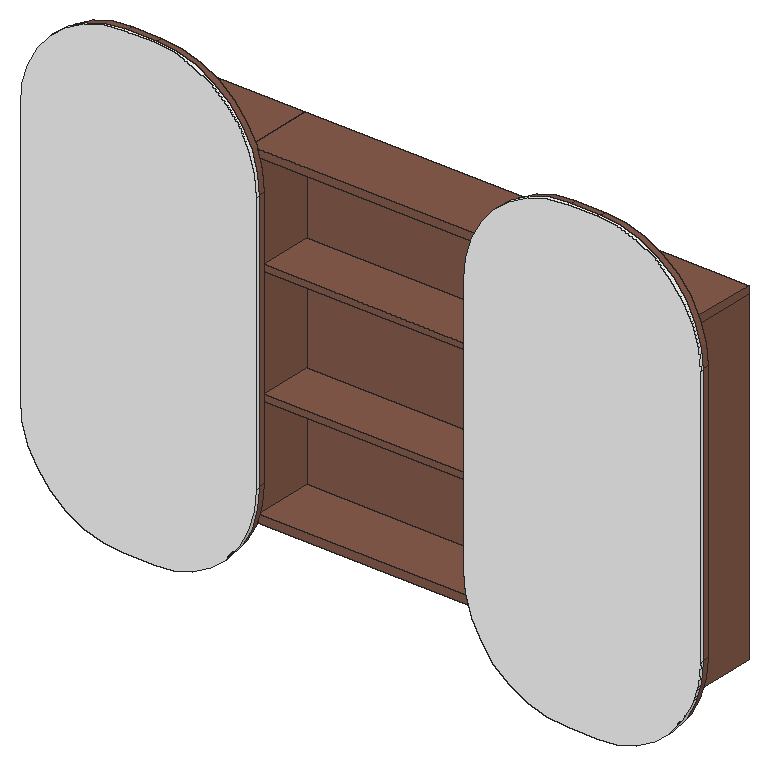
Revit family "Reece_Mirror_Kado_Lussi_Double Mirror Cabinet", category Casework, Revit 2018
Family settings
  Work Plane-Based = Yes
  Always vertical = Yes
  Cut with Voids When Loaded = Yes
  Shared = Yes
  Room Calculation Point = Yes
Parameters (values of type "1380 mm x 950 mm x 162 mm_Timber")
  URL = "https://www.reece.com.au/product/-2354008"
  Type Comments = "Mirror"
  Reece_Product_Web Page = "https://www.reece.com.au/product/-2354008"
  Reece_Product_Type = "Mirror"  # constant formula
  Reece_Product_Sub Brand = "Lussi"  # constant formula
  Reece_Product_Number = "2354008"
  Reece_Product_Mount = "Wall Mounted"
  Reece_Product_Finishes_Web Page = "https://digitalassets.reecegroup.com.au/m/66b8de795f9c984e/original/Material-Colour-and-Finish-Kado-Lussi-Vanity.pdf"
  Reece_Product_Description = "Kado Lussi 1080mm Mirror Cabinet Satin White Painted Finish"
  Reece_Product_Brand = "Kado"  # constant formula
  Reece_Overall_Width = 1380 mm  # constant formula
  Reece_Overall_Height = 950 mm  # constant formula
  Reece_Overall_Depth = 162 mm  # constant formula
  Reece_Material_Secondary = Reece_Plastic_White
  Reece_Material_Main = Reece_Glass_Mirror
  Reece_Material_Cabinet = Reece_Oak_Cherry
  Reece_Height_From_Level [instance] = 1000 mm
  Reece_Detail_Shape = ""
  Reece_Detail_Installation = ""
  Reece_Detail_Disclaimer = "THIS FILE IS THE PROPERTY OF THE REECE GROUP. IT MAY NOT BE REPRODUCED, REVERSE-ENGINEERED OR MODIFIED. ANY REPUBLICATION, TRANSMISSION OR DISTRIBUTION FOR THE PURPOSE OF COMMERCIALLY EXPLOITING THE FILES IS PROHIBITED."  # constant formula
  Reece_Detail_Connector = ""
  Reece_Detail_Additional = ""
  Reece_Additional_Cabinet = Reece_Lussi Cabinet_Nested : Reece_Lussi Cabinet_Width 485mm
  Model = "Lussi"
  Manufacturer = "Kado"
  Keynote = "Product #2354008, Reece_Mirror_Kado_Lussi_Double Mirror Cabinet - 1380 mm x 950 mm x 162 mm_Timber"
  Disclaimer = "THIS FILE IS THE PROPERTY OF THE REECE GROUP. IT MAY NOT BE REPRODUCED, REVERSE-ENGINEERED OR MODIFIED. ANY REPUBLICATION, TRANSMISSION OR DISTRIBUTION FOR THE PURPOSE OF COMMERCIALLY EXPLOITING THE FILES IS PROHIBITED."  # constant formula
  Description = "Kado Lussi 1080mm Mirror Cabinet Satin White Painted Finish"
  Default Elevation = 0 mm
Types (3, lengths in mm): name | URL | Reece_Product_Web Page | Reece_Product_Number | Reece_Material_Cabinet | Keynote
  (no name) | "https://www.reece.com.au/product/-2354009" | "https://www.reece.com.au/product/-2354009" | "2354009" | Reece_Solid_Surface_Matte_White | "Product #2354009, Reece_Mirror_Kado_Lussi_Double Mirror Cabinet -  "
  1380 mm x 950 mm x 162 mm_Satin White | "https://www.reece.com.au/product/-2354009" | "https://www.reece.com.au/product/-2354009" | "2354009" | Reece_Solid_Surface_Matte_White | "Product #2354009, Reece_Mirror_Kado_Lussi_Double Mirror Cabinet - 1380 mm x 950 mm x 162 mm_Satin White"
  1380 mm x 950 mm x 162 mm_Timber | "https://www.reece.com.au/product/-2354008" | "https://www.reece.com.au/product/-2354008" | "2354008" | Reece_Oak_Cherry | "Product #2354008, Reece_Mirror_Kado_Lussi_Double Mirror Cabinet - 1380 mm x 950 mm x 162 mm_Timber"
Reference planes
  plane 1 "Center (Front/Back)": y = 0
  plane 2 "Bottom Host Plane": z = 0
  plane 3 "Center (Left/Right)": x = 0
  plane 4: x = -690
  plane 5 "Front Face": y = -162
  plane 6: x = 690
  plane 7 "Top Host Plane": z = 1950
  plane 8: z = 1475
  plane 9 "Back Mirror": y = -140
  plane 10: z = 1000
  plane 11: z = 1815
  plane 12: z = 1135
  plane 13: z = -5
  plane 14: x = -657.5
  plane 15: x = -657.5
  plane 16: x = -242.5
  plane 17: x = -450
  plane 18: x = 242.5
Lines and regions (mm)
  model lines, style "InvisibleLines"
    curve 1: line (0, 0, -5) -> (0, 0, 1000)
Text (mm)
  text "Reece ©" at (2750.254, -2396.412, 2870.147), in view "Reece Preview"
  text "Reece Copyright © 2018, Reece Ltd." at (-526.759, -443.435, 0), in view "Ref. Level"
Dimensions and locks
  equal spacing: plane 4, plane 3 "Center (Left/Right)", plane 6
  plane 5 "Front Face" to plane 1 "Center (Front/Back)" = 162 mm
  "Reece_Overall_Depth": plane 1 "Center (Front/Back)" to plane 5 "Front Face"
  equal spacing: plane 6, plane 3 "Center (Left/Right)", plane 4
  "Reece_Overall_Width": plane 6 to plane 4
  plane 9 "Back Mirror" to plane 5 "Front Face" = 22 mm
  equal spacing: plane 7 "Top Host Plane", plane 8, plane 10
  "Reece_Overall_Height": plane 7 "Top Host Plane" to plane 10
  "Reece_Height_From_Level": plane 10 to plane 2 "Bottom Host Plane"
  locked: plane 7 "Top Host Plane" to plane 11 at 135
  locked: plane 12 to plane 10 at 135
  plane 2 "Bottom Host Plane" to plane 13 = 5 mm
  locked: plane 14 to plane 4 at 32.5
  equal spacing: plane 15, plane 17, plane 16
  equal spacing: plane 18, plane 3 "Center (Left/Right)", plane 16
  aligned and locked: plane 8 to nested 1
  aligned and locked: plane 8 to nested 2
  aligned and locked: plane 11 to nested 2
  aligned and locked: plane 15 to nested 2
  aligned and locked: nested 1 to plane 17
  aligned and locked: plane 8 to nested 3
  aligned and locked: plane 10 to curve 1
  aligned and locked: plane 13 to curve 1
  aligned and locked: plane 3 "Center (Left/Right)" to curve 1
  aligned and locked: plane 3 "Center (Left/Right)" to nested 3
  aligned and locked: nested 4 to plane 18
  aligned and locked: plane 6 to nested 5
  aligned and locked: plane 10 to nested 5
  aligned and locked: nested 4 to plane 12
Nested families
  nested 1: "Reece_Lussi Mirror_Nested" at (-450, -140, 1000), type "1 Taphole_Vitreous China_White"
  nested 2: "Reece_Lussi Cabinet_Nested" at (-433.5, 0, 1135), type "Reece_Lussi Cabinet_Width 415mm"
    with Reece_GPO_Right yes, Reece_GPO_Left no
  nested 3: "Reece_Lussi Cabinet_Nested" at (16.5, 0, 1135), type <- "Reece_Additional_Cabinet", type "Reece_Lussi Cabinet_Width 485mm"
    with Reece_GPO_Right no, Reece_GPO_Left no
  nested 4: "Reece_Lussi Cabinet_Nested" at (433.5, 0, 1135) x (-1, 0, 0) z (0, 0, 1), type "Reece_Lussi Cabinet_Width 415mm"
    with Reece_GPO_Right yes, Reece_GPO_Left no
  nested 5: "Reece_Lussi Mirror_Nested" at (450, -140, 1000) x (-1, 0, 0) z (0, 0, 1), type "1 Taphole_Vitreous China_White"
Definition of nested family "Reece_Lussi Mirror_Nested"
  Parameters (values of type "1 Taphole_Vitreous China_White")
    Reece_Product_Web Page = ""
    Reece_Product_Type = ""
    Reece_Product_Sub Brand = ""
    Reece_Product_Number = ""
    Reece_Product_Mount = ""
    Reece_Product_Description = ""
    Reece_Product_Brand = ""
    Reece_Overall_Width = 480 mm
    Reece_Overall_Length = 200 mm
    Reece_Overall_Height = 200 mm
    Reece_Overall_Capacity = 0.00 L
    Reece_Material_Secondary = none
    Reece_Material_Main = none
    Reece_Detail_Shape = ""
    Reece_Detail_Installation = ""
    Reece_Detail_Connector = ""
    Reece_Detail_Additional = ""
    Reece_Basin_Supply Diameter 1 = 0 mm
    Reece_Basin_Outlet = 0 mm
    Default Elevation = 0 mm
  Reference planes
    plane 1 "Center (Front/Back)": y = 0
    plane 2 "Bottom Host Plane": z = 0
    plane 3 "Center (Left/Right)": x = 0
    plane 4: x = -240
    plane 5: y = -22
    plane 6: x = 240
    plane 7 "Top Host Plane": z = 950
    plane 8: z = 475
    plane 9: x = -30
    plane 10: x = 30
    plane 11: z = 675
    plane 12: z = 275
    plane 13: y = -16
  Forms (mm)
    Extrusion 1, solid, material <- "Reece_Material_Main"
      sketch origin (0, 0, 0) x (1, 0, 0) y (0, 0, 1)
        loop
          arc (-30, 950) -> (-178.492, 888.492) -> (-240, 740) r 210
          line (-240, 740) -> (-240, 210)
          arc (-240, 210) -> (-178.492, 61.508) -> (-30, 0) r 210
          line (-30, 0) -> (30, 0)
          arc (30, 0) -> (178.492, 61.508) -> (240, 210) r 210
          line (240, 210) -> (240, 740)
          arc (240, 740) -> (178.492, 888.492) -> (30, 950) r 210
          line (30, 950) -> (-30, 950)
      from 16 to 22
    Extrusion 2, solid, material <- "Reece_Material_Secondary"
      sketch origin (0, 0, 0) x (1, 0, 0) y (0, 0, 1)
        loop
          arc (-30, 947) -> (-176.371, 886.371) -> (-237, 740) r 207
          line (-237, 740) -> (-237, 210)
          arc (-237, 210) -> (-176.371, 63.629) -> (-30, 3) r 207
          line (-30, 3) -> (30, 3)
          arc (30, 3) -> (176.371, 63.629) -> (237, 210) r 207
          line (237, 210) -> (237, 740)
          arc (237, 740) -> (176.371, 886.371) -> (30, 947) r 207
          line (30, 947) -> (-30, 947)
      from 0 to 16
  Text (mm)
    text "Reece ©" at (2750.254, -2396.412, 2870.147), in view "Reece Preview"
    text "Reece Copyright © 2018, Reece Ltd." at (-526.759, -443.435, 0), in view "Ref. Level"
  Dimensions and locks
    "Reece_Overall_Width": plane 4 to plane 6
    equal spacing: plane 4, plane 3 "Center (Left/Right)", plane 6
    plane 1 "Center (Front/Back)" to plane 5 = 22 mm
    locked: plane 6 to plane 4 at 480
    equal spacing: plane 6, plane 3 "Center (Left/Right)", plane 4
    locked: plane 7 "Top Host Plane" to plane 2 "Bottom Host Plane" at 950
    equal spacing: plane 7 "Top Host Plane", plane 8, plane 2 "Bottom Host Plane"
    equal spacing: plane 10, plane 3 "Center (Left/Right)", plane 9
    locked: plane 10 to plane 9 at 60
    equal spacing: plane 11, plane 8, plane 12
    locked: plane 11 to plane 12 at 400
    locked: plane 13 to plane 5 at 6
    plane 1 "Center (Front/Back)" to plane 13 = 16 mm
    aligned and locked: plane 6 to Extrusion 1 sketch curve
    aligned and locked: plane 7 "Top Host Plane" to Extrusion 1 sketch curve
    aligned and locked: plane 4 to Extrusion 1 sketch curve
    aligned and locked: plane 5 to Extrusion 1
    aligned and locked: Extrusion 1 to plane 13
    aligned and locked: Extrusion 2 to plane 1 "Center (Front/Back)"
    aligned and locked: plane 13 to Extrusion 2
  Automatic sketch dimensions
    Extrusion 1 sketch curve to plane 9 = 0 mm  (x3)
    Extrusion 1 sketch curve to plane 10 = 0 mm  (x2)
    Extrusion 1 sketch curve to level = 0 mm
    plane 4 to Extrusion 2 sketch curve = 3 mm
    plane 7 "Top Host Plane" to Extrusion 2 sketch curve = 3 mm
    Extrusion 2 sketch curve to plane 9 = 0 mm  (x2)
    Extrusion 2 sketch curve to plane 10 = 0 mm
    plane 6 to Extrusion 2 sketch curve = 3 mm
    Extrusion 2 sketch curve to plane 12 = 65 mm
    level to Extrusion 2 sketch curve = 3 mm
Definition of nested family "Reece_Lussi Cabinet_Nested"
  Parameters (values of type "Reece_Lussi Cabinet_Width 415mm")
    Reece_Product_Web Page = ""
    Reece_Product_Type = ""
    Reece_Product_Sub Brand = ""
    Reece_Product_Number = ""
    Reece_Product_Mount = ""
    Reece_Product_Description = ""
    Reece_Product_Brand = ""
    Reece_Overall_Width = 415 mm
    Reece_Overall_Height = 680 mm  # constant formula
    Reece_Overall_Depth = 140 mm  # constant formula
    Reece_Material_Secondary = none
    Reece_Material_Main = none
    Reece_GPO_Right [instance] = yes
    Reece_GPO_Left [instance] = yes
    Reece_Divider_Visibility = yes
    Reece_Detail_Shape = ""
    Reece_Detail_Installation = ""
    Reece_Detail_Connector = ""
    Reece_Detail_Additional = ""
    Default Elevation = 0 mm
  Types (2, lengths in mm): name | Reece_Overall_Width | Reece_Divider_Visibility
    Reece_Lussi Cabinet_Width 415mm | 415 | yes
    Reece_Lussi Cabinet_Width 485mm | 485 | no
  Reference planes
    plane 1 "Center (Front/Back)": y = 0
    plane 2 "Bottom Host Plane": z = 0
    plane 3 "Center (Left/Right)": x = -16.5
    plane 4: x = -224
    plane 5: y = -140
    plane 6: x = 191
    plane 7: z = 680
    plane 8: z = 664
    plane 9: x = -208
    plane 10: x = 175
    plane 11: z = 340
    plane 12: z = 16
    plane 13: x = 199
    plane 14: x = -8.5
    plane 15: x = -24.5
    plane 16: y = -16
    plane 17: z = 714
    plane 18: z = 216
    plane 19: z = 228
    plane 20: z = 452
    plane 21: z = 464
    plane 22: x = 83.25
    plane 23: x = -116.25
    plane 24: z = 85
    plane 25: y = -126
  Forms (mm)
    Extrusion 1, solid, material <- "Reece_Material_Main"
      sketch origin (0, 0, 0) x (1, 0, 0) y (0, 0, 1)
        loop
          line (-208, 16) -> (-208, 0) -> (175, 0) -> (175, 16) -> (-208, 16)
      from 0 to 140
    Extrusion 2, solid, material <- "Reece_Material_Main"
      sketch origin (0, 0, 0) x (1, 0, 0) y (0, 0, 1)
        loop
          line (-224, 680) -> (-224, 664) -> (191, 664) -> (191, 680) -> (-224, 680)
      from 0 to 140
    Extrusion 3, solid, material <- "Reece_Material_Main"
      sketch origin (0, 0, 0) x (1, 0, 0) y (0, 0, 1)
        loop
          line (-224, 664) -> (-224, 0) -> (-208, 0) -> (-208, 664) -> (-224, 664)
      from 0 to 140
    Extrusion 4, solid, material <- "Reece_Material_Main"
      sketch origin (0, 0, 0) x (1, 0, 0) y (0, 0, 1)
        loop
          line (175, 664) -> (175, 0) -> (191, 0) -> (191, 664) -> (175, 664)
      from 0 to 140
    Extrusion 5, solid, material <- "Reece_Material_Main"
      sketch origin (0, 0, 0) x (1, 0, 0) y (0, 0, 1)
        loop
          line (-208, 664) -> (-208, 16) -> (175, 16) -> (175, 664) -> (-208, 664)
      from 0 to 16
    Extrusion 6, solid, material <- "Reece_Material_Main"
      sketch origin (0, 0, 0) x (1, 0, 0) y (0, 0, 1)
        loop
          line (-208, 228) -> (-208, 216) -> (175, 216) -> (175, 228) -> (-208, 228)
      from 16 to 126
    Extrusion 7, solid, material <- "Reece_Material_Main"
      sketch origin (0, 0, 0) x (1, 0, 0) y (0, 0, 1)
        loop
          line (-208, 464) -> (-208, 452) -> (175, 452) -> (175, 464) -> (-208, 464)
      from 16 to 126
    Extrusion 8, solid, material <- "Reece_Material_Main", visible <- "Reece_Divider_Visibility"
      sketch origin (0, 0, 0) x (1, 0, 0) y (0, 0, 1)
        loop
          line (-24.5, 664) -> (-24.5, 16) -> (-8.5, 16) -> (-8.5, 664) -> (-24.5, 664)
      from 16 to 140
  Text (mm)
    text "Reece ©" at (2750.254, -2396.412, 2870.147), in view "Reece Preview"
    text "Reece Copyright © 2018, Reece Ltd." at (-526.759, -443.435, 0), in view "Ref. Level"
  Dimensions and locks
    "Reece_Overall_Depth": plane 5 to plane 1 "Center (Front/Back)"
    equal spacing: plane 6, plane 3 "Center (Left/Right)", plane 4
    "Reece_Overall_Width": plane 6 to plane 4
    locked: plane 7 to plane 8 at 16
    locked: plane 9 to plane 4 at 16
    locked: plane 10 to plane 6 at 16
    equal spacing: plane 7, plane 11, plane 2 "Bottom Host Plane"
    locked: plane 12 to plane 2 "Bottom Host Plane" at 16
    "Reece_Overall_Height": plane 7 to plane 2 "Bottom Host Plane"
    locked: plane 15 to plane 14 at 16
    "Reece_Overall_Depth": plane 1 "Center (Front/Back)" to plane 5
    locked: plane 1 "Center (Front/Back)" to plane 16 at 16
    locked: plane 18 to plane 12 at 200
    locked: plane 19 to plane 18 at 12
    plane 20 to plane 19 = 224 mm
    locked: plane 21 to plane 20 at 12
    locked: plane 8 to plane 21 at 200
    equal spacing: plane 14, plane 22, plane 10
    equal spacing: plane 9, plane 23, plane 15
    locked: plane 24 to plane 2 "Bottom Host Plane" at 85
    plane 16 to plane 25 = 110 mm
    aligned and locked: Extrusion 1 sketch curve to plane 12
    aligned and locked: plane 2 "Bottom Host Plane" to Extrusion 1 sketch curve
    aligned and locked: Extrusion 1 sketch curve to plane 9
    aligned and locked: plane 10 to Extrusion 1 sketch curve
    aligned and locked: plane 6 to Extrusion 2 sketch curve
    aligned and locked: Extrusion 2 sketch curve to plane 7
    aligned and locked: plane 8 to Extrusion 2 sketch curve
    aligned and locked: plane 4 to Extrusion 2 sketch curve
    aligned and locked: plane 9 to Extrusion 3 sketch curve
    aligned and locked: Extrusion 3 sketch curve to plane 8
    aligned and locked: plane 4 to Extrusion 3 sketch curve
    aligned and locked: plane 2 "Bottom Host Plane" to Extrusion 3 sketch curve
    aligned and locked: Extrusion 4 sketch curve to plane 10
    aligned and locked: Extrusion 4 sketch curve to plane 8
    aligned and locked: plane 6 to Extrusion 4 sketch curve
    aligned and locked: plane 2 "Bottom Host Plane" to Extrusion 4 sketch curve
    aligned and locked: plane 5 to Extrusion 3
    aligned and locked: plane 5 to Extrusion 4
    aligned and locked: plane 5 to Extrusion 2
    aligned and locked: plane 5 to Extrusion 1
    aligned and locked: plane 10 to Extrusion 5 sketch curve
    aligned and locked: plane 12 to Extrusion 5 sketch curve
    aligned and locked: Extrusion 5 sketch curve to plane 9
    aligned and locked: Extrusion 5 sketch curve to plane 8
    aligned and locked: Extrusion 3 to plane 1 "Center (Front/Back)"
    aligned and locked: Extrusion 5 to plane 16
    aligned and locked: plane 10 to Extrusion 6 sketch curve
    aligned and locked: Extrusion 6 sketch curve to plane 19
    aligned and locked: Extrusion 6 sketch curve to plane 9
    aligned and locked: plane 18 to Extrusion 6 sketch curve
    aligned and locked: plane 10 to Extrusion 7 sketch curve
    aligned and locked: plane 20 to Extrusion 7 sketch curve
    aligned and locked: Extrusion 7 sketch curve to plane 9
    aligned and locked: Extrusion 7 sketch curve to plane 21
    aligned and locked: plane 16 to Extrusion 7
    aligned and locked: plane 16 to Extrusion 6
    aligned and locked: nested 1 to plane 23
    aligned and locked: nested 2 to plane 22
    aligned and locked: nested 2 to plane 24
    aligned and locked: nested 1 to plane 24
    aligned and locked: plane 12 to Extrusion 8 sketch curve
    aligned and locked: Extrusion 8 sketch curve to plane 15
    aligned and locked: plane 14 to Extrusion 8 sketch curve
    aligned and locked: Extrusion 8 sketch curve to plane 8
    aligned and locked: plane 16 to Extrusion 8
    aligned and locked: plane 5 to Extrusion 8
    aligned and locked: Extrusion 6 to plane 25
    aligned and locked: Extrusion 7 to plane 25
  Nested families
    nested 1: "Reece_Mirror Cabinet_GPO_Nested" at (-116.25, -16, 85) x (1, 0, 0) z (0, -1, 0), visible <- "Reece_GPO_Left", type "Reece_Mirror Cabinet_GPO_Nested"
    nested 2: "Reece_Mirror Cabinet_GPO_Nested" at (83.25, -16, 85) x (1, 0, 0) z (0, -1, 0), visible <- "Reece_GPO_Right", type "Reece_Mirror Cabinet_GPO_Nested"
  Definition of nested family "Reece_Mirror Cabinet_GPO_Nested"
    Parameters (values of type "Reece_Mirror Cabinet_GPO_Nested")
      Waste Connection = no
      WFU = 0  # constant formula
      Vent Connection = no
      Reece_Product_Web Page = ""
      Reece_Product_Type = ""
      Reece_Product_Sub Brand = ""
      Reece_Product_Number = ""
      Reece_Product_Mount = ""
      Reece_Product_Description = ""
      Reece_Product_Brand = ""
      Reece_Overall_Width = 120 mm
      Reece_Overall_Height = 77 mm
      Reece_Overall_Depth = 7 mm
      Reece_Material_Main = none
      Reece_GPO_Depth = 5 mm
      Reece_Detail_Shape = ""
      Reece_Detail_Additional = ""
      HWFU = 0  # constant formula
      HW Connection = no
      Default Elevation = 0 mm
      CWFU = 0  # constant formula
      CW Connection = no
    Reference planes
      plane 1 "Center (Front/Back)": y = 0
      plane 2 "Bottom": z = 0
      plane 3 "Center (Left/Right)": x = 0
      plane 4 "Top": z = 5
      plane 5: x = -60
      plane 6: x = 60
      plane 7: y = 38.5
      plane 8: y = -38.5
      plane 9: x = -30
      plane 10: x = 30
      plane 11: y = 16.987
      plane 12: z = 7
    Forms (mm)
      Extrusion 1, solid
        sketch origin (619.2, -619.2, 0) x (1, 0, 0) y (0, 1, 0)
          loop
            line (-809.2, 779.2) -> (-809.2, 461.779) -> (-428.415, 461.779) -> (-428.415, 779.2) -> (-809.2, 779.2)
        from 0 to -9.564
      Extrusion 2, solid, material <- "Reece_Material_Main"
        sketch origin (0, 0, 0) x (1, 0, 0) y (0, 1, 0)
          loop
            arc (-55, 38.5) -> (-58.536, 37.036) -> (-60, 33.5) r 5
            line (-60, 33.5) -> (-60, -33.5)
            arc (-60, -33.5) -> (-58.536, -37.036) -> (-55, -38.5) r 5
            line (-55, -38.5) -> (55, -38.5)
            arc (55, -38.5) -> (58.536, -37.036) -> (60, -33.5) r 5
            line (60, -33.5) -> (60, 33.5)
            arc (60, 33.5) -> (58.536, 37.036) -> (55, 38.5) r 5
            line (55, 38.5) -> (-55, 38.5)
        from 0 to 5
      Extrusion 3, solid, material <- "Reece_Material_Main"
        sketch origin (0, 0, 0) x (1, 0, 0) y (0, 1, 0)
          loop
            arc (-35.5, 24.487) -> (-36.914, 23.901) -> (-37.5, 22.487) r 2
            line (-37.5, 22.487) -> (-37.5, 11.487)
            arc (-37.5, 11.487) -> (-36.914, 10.073) -> (-35.5, 9.487) r 2
            line (-35.5, 9.487) -> (-24.5, 9.487)
            arc (-24.5, 9.487) -> (-23.086, 10.073) -> (-22.5, 11.487) r 2
            line (-22.5, 11.487) -> (-22.5, 22.487)
            arc (-22.5, 22.487) -> (-23.086, 23.901) -> (-24.5, 24.487) r 2
            line (-24.5, 24.487) -> (-35.5, 24.487)
          loop
            arc (24.5, 24.487) -> (23.086, 23.901) -> (22.5, 22.487) r 2
            line (22.5, 22.487) -> (22.5, 11.487)
            arc (22.5, 11.487) -> (23.086, 10.073) -> (24.5, 9.487) r 2
            line (24.5, 9.487) -> (35.5, 9.487)
            arc (35.5, 9.487) -> (36.914, 10.073) -> (37.5, 11.487) r 2
            line (37.5, 11.487) -> (37.5, 22.487)
            arc (37.5, 22.487) -> (36.914, 23.901) -> (35.5, 24.487) r 2
            line (35.5, 24.487) -> (24.5, 24.487)
        from 5 to 7
      Extrusion 4, void
        sketch origin (0, 0, 0) x (1, 0, 0) y (0, 1, 0)
          loop
            line (-31, -16.472) -> (-31, -24.472) -> (-29, -24.472) -> (-29, -16.472) -> (-31, -16.472)
          loop
            line (-33.557, -5.789) -> (-38.7, -11.918) -> (-37.168, -13.203) -> (-32.025, -7.075) -> (-33.557, -5.789)
          loop
            line (-26.443, -5.789) -> (-27.975, -7.075) -> (-22.832, -13.203) -> (-21.3, -11.918) -> (-26.443, -5.789)
          loop
            line (29, -16.472) -> (29, -24.472) -> (31, -24.472) -> (31, -16.472) -> (29, -16.472)
          loop
            line (26.443, -5.789) -> (21.3, -11.918) -> (22.832, -13.203) -> (27.975, -7.075) -> (26.443, -5.789)
          loop
            line (33.557, -5.789) -> (32.025, -7.075) -> (37.168, -13.203) -> (38.7, -11.918) -> (33.557, -5.789)
        from 0 to 5
    Cuts and joins
      Extrusion 4 cuts Extrusion 2
    Text (mm)
      text "Reece Copyright © 2018, Reece Ltd." at (-1403.988, -1192.393, 0), in view "Ref. Level"
      text "Reece ©" at (44.384, 258.95, 192.345), in view "Reece Preview"
    Dimensions and locks
      "Reece_Overall_Width": plane 5 to plane 6
      equal spacing: plane 5, plane 3 "Center (Left/Right)", plane 6
      "Reece_Overall_Height": plane 7 to plane 8
      equal spacing: plane 7, plane 1 "Center (Front/Back)", plane 8
      plane 5 to plane 9 to plane 3 "Center (Left/Right)" to plane 10 to plane 6 = 30 mm, 30 mm, 30 mm, 30 mm
      Extrusion 3 sketch curve to Extrusion 3 sketch curve = 15 mm
      "Reece_GPO_Depth": plane 4 "Top" to plane 2 "Bottom"
      "Reece_Overall_Depth": plane 12 to plane 2 "Bottom"
      aligned and locked: plane 2 "Bottom" to Extrusion 1
      aligned and locked: level to Extrusion 1
      aligned and locked: Extrusion 2 sketch curve to plane 6
      aligned and locked: plane 8 to Extrusion 2 sketch curve
      aligned and locked: plane 5 to Extrusion 2 sketch curve
      aligned and locked: Extrusion 2 sketch curve to plane 7
      aligned and locked: plane 4 "Top" to Extrusion 2
      aligned and locked: plane 12 to Extrusion 3
      aligned and locked: Extrusion 3 to plane 4 "Top"
      aligned and locked: Extrusion 2 to plane 4 "Top"
      aligned and locked: Extrusion 2 to plane 2 "Bottom"
      aligned and locked: plane 4 "Top" to Extrusion 4
    Automatic sketch dimensions
      Extrusion 1 sketch curve to Extrusion 1 sketch curve = 380.785 mm
      Extrusion 1 sketch curve to Extrusion 1 sketch curve = 317.421 mm
      plane 5 to Extrusion 2 sketch curve = 5 mm  (x2)
      Extrusion 2 sketch curve to plane 6 = 5 mm  (x2)
      Extrusion 3 sketch curve to plane 9 = 7.5 mm
      Extrusion 3 sketch curve to Extrusion 3 sketch curve = 2 mm  (x7)
      Extrusion 3 sketch curve to plane 10 = 7.5 mm
      plane 10 to Extrusion 3 sketch curve = 5.5 mm  (x2)
      Extrusion 3 sketch curve to plane 11 = 7.5 mm  (x2)
      plane 11 to Extrusion 3 sketch curve = 5.5 mm  (x2)
      Extrusion 4 sketch curve to plane 9 = 8.7 mm
      Extrusion 4 sketch curve to Extrusion 4 sketch curve = 1.532 mm  (x4)
      Extrusion 4 sketch curve to plane 9 = 3.557 mm
      Extrusion 4 sketch curve to plane 9 = 1 mm
      plane 9 to Extrusion 4 sketch curve = 1 mm
      plane 9 to Extrusion 4 sketch curve = 2.025 mm
      Extrusion 4 sketch curve to Extrusion 4 sketch curve = 6.168 mm  (x2)
      Extrusion 4 sketch curve to plane 10 = 8.7 mm
      Extrusion 4 sketch curve to plane 10 = 3.557 mm
      Extrusion 4 sketch curve to plane 10 = 1 mm
      plane 10 to Extrusion 4 sketch curve = 1 mm
      plane 10 to Extrusion 4 sketch curve = 2.025 mm
      plane 8 to Extrusion 4 sketch curve = 14.028 mm  (x2)
      Extrusion 4 sketch curve to Extrusion 4 sketch curve = 8 mm  (x2)
      Extrusion 4 sketch curve to Extrusion 4 sketch curve = 3.268 mm  (x4)
      Extrusion 4 sketch curve to Extrusion 4 sketch curve = 1.286 mm  (x4)
